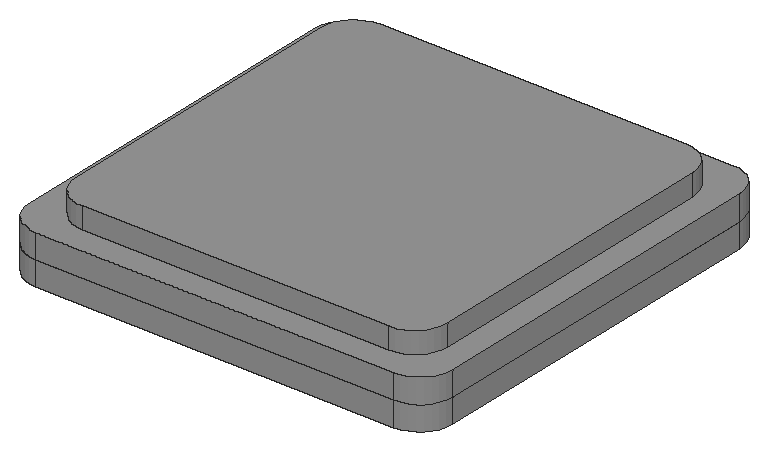
Revit family "FMS2_63_UN_Surface-mounted_ETK", category Lighting Fixtures, Revit 2019 (continued)
Definition of nested family "FMS.2 - Lightsource"
  Parameters (values of type "FMS.1110.10 - Ø270 / 18W / 1120lm / 4000K")
      9.7026\t488.874\t488.0454\t487.2168\t486.3882\r\n485.5596\t484.731\t483.9024\t483.0738\t482.2452\t481.4166\t480.4499\t479.6213\t478.7927\t477.826\r\n476.9974\t475.3402\t473.1306\t470.7829\t468.5733\t466.3637\t464.016\t461.8064\t459.5968\t457.3872\r\n455.0395\t452.8299\t450.6203\t448.2726\t446.063\t443.8534\t441.6438\t439.2961\t437.0865\t434.7388\r\n432.3911\t430.1815\t427.8338\t425.6242\t423.2765\t421.0669\t418.7192\t416.3715\t414.1619\t411.8142\r\n409.6046\t407.1188\t403.8044\t400.6281\t397.3137\t394.1374\t390.9611\t387.6467\t384.4704\t381.2941\r\n377.9797\t374.8034\t371.489\t368.3127\t365.1364\t361.822\t358.6457\t355.3313\t352.155\t348.8406\r\n345.6643\t342.488\t339.1736\t335.9973\t332.6829\t329.5066\t326.1922\t323.0159\t319.7015\t316.5252\r\n313.3489\t310.0345\t306.3058\t302.439\t298.7103\t294.9816\t291.2529\t287.5242\t283.7955\t280.0668\r\n276.3381\t272.6094\t268.7426\t265.0139\t261.2852\t257.5565\t253.8278\t250.0991\t246.3704\t242.5036\r\n238.7749\t235.0462\t231.3175\t227.5888\t223.722\t219.9933\t216.2646\t212.5359\t208.8072\t205.0785\r\n201.2117\t197.483\t193.7543\t189.8875\t186.1588\t182.4301\t178.5633\t174.8346\t171.1059\t167.2391\r\n163.5104\t159.7817\t155.9149\t152.1862\t148.4575\t144.5907\t140.862\t137.0781\t133.3079\t129.524\r\n125.7539\t121.9699\t118.1998\t114.4158\t110.6457\t106.8618\t103.0917\t99.3077\t95.5376\t91.7675\r\n87.9835\t81.3961\t72.6406\t63.8851\t55.1433\t46.3878\t37.6322\t28.8767\t20.1212\t11.3629\r\n2.6073\t0\t0\t0\t0\t0\t0\t0\t0\t0\r\n0\t0\t0\t0\t0\t0\t0\t0\t0\t0\r\n0\r\n502.9602\t502.1316\t501.1649\t500.3363\t499.3696\t498.541\t497.5743\t496.7457\t495.9171\t495.0885\r\n494.2599\t493.4313\t492.6027\t491.9122\t491.0836\t490.255\t489.4264\t488.5978\t487.7692\t486.9406\r\n485.9739\t485.1453\t484.3167\t483.4881\t482.6595\t481.8309\t481.0023\t480.1737\t479.207\t478.3784\r\n477.5498\t476.7212\t474.5116\t472.1639\t469.9543\t467.6066\t465.397\t463.0493\t460.8397\t458.492\r\n456.2824\t454.0728\t451.7251\t449.5155\t447.1678\t444.9582\t442.6105\t440.4009\t438.0532\t435.8436\r\n433.4959\t431.2863\t428.9386\t426.5909\t424.3813\t422.0336\t419.6859\t417.4763\t415.1286\t412.7809\r\n410.4332\t408.2236\t405.5997\t402.4234\t399.109\t395.9327\t392.7564\t389.442\t386.1276\t382.9513\r\n379.6369\t376.4606\t373.1462\t369.9699\t366.6555\t363.4792\t360.1648\t356.8504\t353.6741\t350.3597\r\n347.1834\t343.869\t340.6927\t337.3783\t334.202\t330.8876\t327.7113\t324.3969\t321.0825\t317.9062\r\n314.5918\t311.4155\t308.1011\t304.3724\t300.6437\t296.7769\t293.0482\t289.3195\t285.4527\t281.724\r\n277.9953\t274.1285\t270.3998\t266.6711\t262.9424\t259.0756\t255.3469\t251.6182\t247.8895\t244.0227\r\n240.294\t236.4272\t232.6985\t228.9698\t225.103\t221.3743\t217.5075\t213.7788\t209.912\t206.1833\r\n202.4546\t198.5878\t194.8591\t190.9923\t187.2636\t183.5349\t179.6681\t175.9394\t172.0726\t168.3439\r\n164.4771\t160.7484\t157.0197\t153.1529\t149.4242\t145.5574\t141.8287\t138.0448\t134.2608\t130.4769\r\n126.6929\t122.909\t119.1251\t115.3411\t111.5572\t107.7732\t103.9893\t100.2192\t96.4352\t92.6513\r\n88.8673\t84.9867\t76.2036\t67.4066\t58.6235\t49.8265\t41.0433\t32.2463\t23.4632\t14.6662\r\n5.8762\t0\t0\t0\t0\t0\t0\t0\t0\t0\r\n0\t0\t0\t0\t0\t0\t0\t0\t0\t0\r\n0\r\n502.9602\t502.1316\t501.1649\t500.3363\t499.5077\t498.541\t497.7124\t497.0219\t496.1933\t495.3647\r\n494.6742\t493.8456\t493.1551\t492.3265\t491.4979\t490.6693\t489.8407\t489.0121\t488.1835\t487.3549\r\n486.5263\t485.6977\t484.8691\t484.0405\t483.2119\t482.3833\t481.4166\t480.4499\t479.6213\t478.6546\r\n477.6879\t476.8593\t475.7545\t473.5449\t471.3353\t468.9876\t466.778\t464.5684\t462.2207\t460.0111\r\n457.8015\t455.4538\t453.2442\t450.8965\t448.5488\t446.3392\t443.9915\t441.7819\t439.4342\t437.0865\r\n434.7388\t432.5292\t430.1815\t427.8338\t425.4861\t423.1384\t420.7907\t418.443\t416.0953\t413.6095\r\n411.2618\t408.9141\t406.5664\t404.2187\t401.0424\t397.8661\t394.5517\t391.3754\t388.061\t384.8847\r\n381.5703\t378.2559\t374.9415\t371.7652\t368.4508\t365.1364\t361.822\t358.5076\t355.3313\t352.0169\r\n348.7025\t345.3881\t342.2118\t338.8974\t335.583\t332.2686\t329.0923\t325.7779\t322.4635\t319.2872\r\n315.9728\t312.6584\t309.344\t306.0296\t302.5771\t298.7103\t294.8435\t291.1148\t287.248\t283.5193\r\n279.6525\t275.9238\t272.057\t268.3283\t264.4615\t260.7328\t256.866\t252.9992\t249.2705\t245.4037\r\n241.675\t237.8082\t234.0795\t230.2127\t226.484\t222.6172\t218.8885\t215.0217\t211.293\t207.4262\r\n203.6975\t199.8307\t196.102\t192.2352\t188.5065\t184.6397\t180.7729\t177.0442\t173.1774\t169.4487\r\n165.5819\t161.8532\t158.1245\t154.2577\t150.529\t146.6622\t142.9335\t139.0667\t135.338\t131.5541\r\n127.7701\t123.9862\t120.2022\t116.4183\t112.6344\t108.8504\t105.0665\t101.2825\t97.4986\t93.7147\r\n89.9307\t86.1606\t81.0371\t72.2125\t63.3879\t54.5633\t45.7525\t36.9279\t28.1034\t19.2788\r\n10.4486\t1.6227\t0\t0\t0\t0\t0\t0\t0\t0\r\n0\t0\t0\t0\t0\t0\t0\t0\t0\t0\r\n0\r\n502.9602\t502.1316\t501.303\t500.3363\t499.5077\t498.8172\t497.9886\t497.2981\t496.4695\t495.779\r\n495.0885\t494.2599\t493.4313\t492.7408\t491.9122\t491.0836\t490.3931\t489.5645\t488.7359\t487.9073\r\n487.0787\t486.112\t485.2834\t484.3167\t483.4881\t482.5214\t481.6928\t480.8642\t479.8975\t479.0689\r\n478.1022\t477.1355\t476.1688\t475.2021\t472.9925\t470.7829\t468.4352\t466.2256\t463.8779\t461.6683\r\n459.3206\t457.111\t454.7633\t452.5537\t450.206\t447.8583\t445.5106\t443.0248\t440.6771\t438.3294\r\n435.9817\t433.634\t431.4244\t429.0767\t426.5909\t424.2432\t421.8955\t419.4097\t417.062\t414.5762\r\n412.2285\t409.7427\t407.395\t404.9092\t402.5615\t400.0757\t396.7613\t393.4469\t390.2706\t386.9562\r\n383.6418\t380.3274\t377.013\t373.6986\t370.3842\t367.0698\t363.7554\t360.441\t357.1266\t353.8122\r\n350.4978\t347.1834\t343.869\t340.5546\t337.2402\t333.9258\t330.6114\t327.297\t323.9826\t320.6682\r\n317.2157\t313.9013\t310.5869\t307.2725\t303.9581\t300.6437\t297.1912\t293.3244\t289.4576\t285.5908\r\n281.8621\t277.9953\t274.1285\t270.2617\t266.3949\t262.5281\t258.6613\t254.7945\t251.0658\t247.199\r\n243.3322\t239.4654\t235.7367\t231.8699\t228.0031\t224.2744\t220.4076\t216.5408\t212.8121\t208.9453\r\n205.0785\t201.3498\t197.483\t193.6162\t189.8875\t186.0207\t182.1539\t178.4252\t174.5584\t170.6916\r\n166.9629\t163.0961\t159.2293\t155.5006\t151.6338\t147.9051\t144.0383\t140.3096\t136.4842\t132.7003\r\n128.9163\t125.1324\t121.3485\t117.5645\t113.7806\t109.9967\t106.2265\t102.4426\t98.6724\t94.8885\r\n91.1184\t87.3483\t83.5781\t78.2889\t69.4367\t60.5707\t51.7185\t42.8662\t34.014\t25.1618\r\n16.3096\t7.4491\t0\t0\t0\t0\t0\t0\t0\t0\r\n0\t0\t0\t0\t0\t0\t0\t0\t0\t0\r\n0\r\n502.9602\t502.1316\t501.303\t500.4744\t499.6458\t498.9553\t498.2648\t497.5743\t496.8838\t496.1933\r\n495.5028\t494.6742\t493.9837\t493.1551\t492.4646\t491.636\t490.9455\t489.9788\t489.1502\t488.3216\r\n487.493\t486.5263\t485.6977\t484.8691\t483.9024\t483.0738\t482.1071\t481.1404\t480.3118\t479.3451\r\n478.3784\t477.4117\t476.445\t475.3402\t474.3735\t472.5782\t470.3686\t468.0209\t465.8113\t463.4636\r\n461.1159\t458.7682\t456.5586\t454.2109\t451.8632\t449.5155\t447.1678\t444.8201\t442.3343\t439.9866\r\n437.6389\t435.1531\t432.8054\t430.3196\t427.8338\t425.4861\t423.0003\t420.5145\t418.1668\t415.681\r\n413.1952\t410.7094\t408.2236\t405.7378\t403.252\t400.7662\t398.2804\t395.7946\t392.7564\t389.442\r\n386.1276\t382.8132\t379.3607\t376.0463\t372.5938\t369.2794\t365.8269\t362.5125\t359.1981\t355.7456\r\n352.4312\t349.1168\t345.6643\t342.3499\t338.8974\t335.583\t332.1305\t328.8161\t325.5017\t322.0492\r\n318.7348\t315.4204\t311.9679\t308.6535\t305.201\t301.8866\t298.4341\t295.1197\t291.6672\t287.9385\r\n284.0717\t280.2049\t276.3381\t272.4713\t268.4664\t264.5996\t260.7328\t256.866\t252.9992\t249.1324\r\n245.2656\t241.3988\t237.532\t233.6652\t229.7984\t225.9316\t222.0648\t218.198\t214.3312\t210.4644\r\n206.5976\t202.8689\t199.0021\t195.1353\t191.2685\t187.4017\t183.5349\t179.6681\t175.8013\t172.0726\r\n168.2058\t164.339\t160.6103\t156.7435\t153.0148\t149.148\t145.2812\t141.5525\t137.7548\t133.957\r\n130.1731\t126.3891\t122.619\t118.835\t115.0649\t111.2948\t107.5247\t103.7545\t99.9982\t96.2281\r\n92.4718\t88.7154\t84.9591\t81.2028\t76.7974\t67.9038\t59.0101\t50.1165\t41.2229\t32.3292\r\n23.4356\t14.5419\t5.6538\t0\t0\t0\t0\t0\t0\t0\r\n0\t0\t0\t0\t0\t0\t0\t0\t0\t0\r\n0\r\n502.9602\t502.1316\t501.4411\t500.6125\t499.922\t499.2315\t498.541\t497.9886\t497.2981\t496.6076\r\n495.9171\t495.2266\t494.398\t493.7075\t493.017\t492.1884\t491.3598\t490.5312\t489.7026\t488.7359\r\n487.9073\t487.0787\t486.2501\t485.2834\t484.4548\t483.4881\t482.5214\t481.5547\t480.588\t479.6213\r\n478.5165\t477.5498\t476.445\t475.4783\t474.3735\t473.2687\t472.1639\t470.2305\t467.8828\t465.6732\r\n463.3255\t460.9778\t458.492\t456.1443\t453.7966\t451.4489\t448.9631\t446.6154\t444.1296\t441.6438\r\n439.2961\t436.8103\t434.3245\t431.8387\t429.3529\t426.8671\t424.3813\t421.8955\t419.2716\t416.7858\r\n414.3\t411.8142\t409.1903\t406.5664\t404.0806\t401.4567\t398.8328\t396.347\t393.7231\t391.2373\r\n388.6134\t385.4371\t381.9846\t378.6702\t375.2177\t371.7652\t368.4508\t364.9983\t361.5458\t358.0933\r\n354.6408\t351.3264\t347.8739\t344.4214\t340.9689\t337.5164\t334.0639\t330.6114\t327.297\t323.8445\r\n320.392\t316.9395\t313.487\t310.0345\t306.7201\t303.2676\t299.8151\t296.3626\t293.0482\t289.5957\r\n286.2813\t282.8288\t279.1001\t275.0952\t271.2284\t267.2235\t263.3567\t259.3518\t255.485\t251.4801\r\n247.6133\t243.6084\t239.7416\t235.7367\t231.8699\t228.0031\t223.9982\t220.1314\t216.2646\t212.3978\r\n208.3929\t204.5261\t200.6593\t196.7925\t192.9257\t189.0589\t185.1921\t181.3253\t177.4585\t173.5917\r\n169.7249\t165.8581\t161.9913\t158.1245\t154.3958\t150.529\t146.8003\t142.9335\t139.2048\t135.3518\r\n131.5541\t127.7839\t124\t120.2299\t116.4597\t112.6896\t108.9333\t105.1632\t101.4206\t97.6643\r\n93.9218\t90.1793\t86.4368\t82.7081\t78.9656\t75.2369\t67.5585\t58.6235\t49.7022\t40.7671\r\n31.8321\t22.897\t13.9619\t5.0255\t0\t0\t0\t0\t0\t0\r\n0\t0\t0\t0\t0\t0\t0\t0\t0\t0\r\n0\r\n502.9602\t502.2697\t501.4411\t500.7506\t500.0601\t499.5077\t498.9553\t498.2648\t497.7124\t497.0219\r\n496.3314\t495.6409\t494.9504\t494.2599\t493.4313\t492.6027\t491.9122\t491.0836\t490.255\t489.4264\r\n488.4597\t487.6311\t486.8025\t485.8358\t484.8691\t483.9024\t482.9357\t481.969\t480.8642\t479.7594\r\n478.7927\t477.6879\t476.5831\t475.4783\t474.3735\t473.2687\t472.0258\t470.921\t469.6781\t467.8828\r\n465.5351\t463.1874\t460.8397\t458.3539\t456.0062\t453.5204\t451.0346\t448.5488\t446.2011\t443.7153\r\n441.2295\t438.7437\t436.1198\t433.634\t431.1482\t428.5243\t425.9004\t423.2765\t420.7907\t418.1668\r\n415.5429\t412.919\t410.4332\t407.8093\t405.1854\t402.4234\t399.7995\t397.1756\t394.4136\t391.7897\r\n389.0277\t386.4038\t383.6418\t381.0179\t378.2559\t374.8034\t371.3509\t367.8984\t364.4459\t360.9934\r\n357.4028\t353.9503\t350.4978\t346.9072\t343.4547\t339.8641\t336.4116\t332.821\t329.3685\t325.916\r\n322.4635\t318.8729\t315.4204\t311.9679\t308.3773\t304.9248\t301.4723\t297.8817\t294.4292\t290.9767\r\n287.3861\t283.9336\t280.4811\t277.0286\t273.5761\t269.9855\t266.1187\t262.1138\t258.1089\t254.104\r\n250.0991\t246.0942\t242.2274\t238.2225\t234.3557\t230.3508\t226.484\t222.4791\t218.4742\t214.4693\r\n210.6025\t206.5976\t202.7308\t198.7259\t194.8591\t190.8542\t186.9874\t183.1206\t179.1157\t175.2489\r\n171.3821\t167.5153\t163.6485\t159.7817\t155.9149\t152.1862\t148.3194\t144.4526\t140.7239\t136.9123\r\n133.1008\t129.303\t125.5053\t121.7213\t117.9374\t114.1673\t110.4109\t106.6546\t102.9259\t99.1972\r\n95.4823\t91.7675\t88.0526\t84.3515\t80.6504\t76.9493\t73.2621\t68.5114\t59.5073\t50.517\r\n41.5129\t32.5226\t23.5184\t14.5281\t5.5309\t0\t0\t0\t0\t0\r\n0\t0\t0\t0\t0\t0\t0\t0\t0\t0\r\n0\r\n502.9602\t502.2697\t501.5792\t500.8887\t500.3363\t499.7839\t499.2315\t498.6791\t498.1267\t497.5743\r\n496.8838\t496.1933\t495.5028\t494.8123\t493.9837\t493.2932\t492.4646\t491.636\t490.8074\t489.9788\r\n489.1502\t488.1835\t487.3549\t486.3882\t485.4215\t484.3167\t483.35\t482.2452\t481.1404\t480.1737\r\n479.0689\t477.9641\t476.8593\t475.6164\t474.3735\t473.1306\t471.8877\t470.6448\t469.4019\t468.0209\r\n466.6399\t465.2589\t463.3255\t460.9778\t458.492\t456.0062\t453.5204\t451.0346\t448.5488\t446.063\r\n443.4391\t440.8152\t438.3294\t435.7055\t433.0816\t430.5958\t427.9719\t425.348\t422.7241\t420.1002\r\n417.3382\t414.7143\t411.9523\t409.1903\t406.4283\t403.6663\t400.9043\t398.1423\t395.5184\t392.7564\r\n389.9944\t387.2324\t384.3323\t381.5703\t378.8083\t375.9082\t373.0081\t370.2461\t367.346\t364.1697\r\n360.5791\t356.9885\t353.536\t349.9454\t346.3548\t342.7642\t339.1736\t335.583\t331.9924\t328.4018\r\n324.8112\t321.2206\t317.7681\t314.1775\t310.5869\t306.9963\t303.2676\t299.677\t296.2245\t292.6339\r\n289.1814\t285.5908\t282.0002\t278.5477\t274.9571\t271.3665\t267.914\t264.3234\t260.8709\t257.2803\r\n253.4135\t249.4086\t245.2656\t241.2607\t237.2558\t233.2509\t229.246\t225.2411\t221.2362\t217.0932\r\n213.0883\t209.0834\t205.0785\t201.2117\t197.2068\t193.2019\t189.3351\t185.3302\t181.3253\t177.3204\r\n173.3155\t169.4487\t165.4438\t161.577\t157.7102\t153.7053\t149.8385\t146.1098\t142.243\t138.5143\r\n134.6751\t130.8912\t127.121\t123.3371\t119.5532\t115.783\t112.0129\t108.2704\t104.5279\t100.7992\r\n97.0843\t93.3832\t89.696\t86.0087\t82.3352\t78.6618\t74.9883\t71.3286\t67.6828\t61.5512\r\n52.478\t43.4186\t34.3455\t25.2723\t16.2129\t7.1329\t0\t0\t0\t0\r\n0\t0\t0\t0\t0\t0\t0\t0\t0\t0\r\n0\r\n502.9602\t502.2697\t501.7173\t501.0268\t500.6125\t500.1982\t499.6458\t499.0934\t498.6791\t497.9886\r\n497.4362\t496.7457\t496.0552\t495.3647\t494.6742\t493.8456\t493.1551\t492.3265\t491.4979\t490.6693\r\n489.8407\t488.874\t487.9073\t486.9406\t485.9739\t484.8691\t483.7643\t482.7976\t481.6928\t480.7261\r\n479.4832\t478.2403\t476.9974\t475.7545\t474.5116\t473.1306\t471.8877\t470.5067\t469.1257\t467.6066\r\n466.2256\t464.8446\t463.3255\t461.8064\t460.2873\t458.7682\t456.4205\t453.9347\t451.3108\t448.825\r\n446.2011\t443.7153\t441.0914\t438.6056\t435.8436\t433.2197\t430.4577\t427.6957\t424.9337\t422.3098\r\n419.4097\t416.6477\t413.8857\t411.1237\t408.3617\t405.5997\t402.6996\t399.7995\t396.8994\t393.9993\r\n391.2373\t388.1991\t385.4371\t382.537\t379.4988\t376.5987\t373.6986\t370.7985\t367.8984\t364.9983\r\n361.9601\t358.9219\t356.0218\t353.1217\t350.0835\t346.4929\t342.6261\t338.8974\t335.3068\t331.5781\r\n327.9875\t324.3969\t320.6682\t317.0776\t313.3489\t309.7583\t306.0296\t302.439\t298.7103\t294.9816\r\n291.2529\t287.6623\t284.0717\t280.4811\t276.7524\t273.1618\t269.4331\t265.8425\t262.2519\t258.6613\r\n255.0707\t251.4801\t247.8895\t244.1608\t240.5702\t236.7034\t232.6985\t228.5555\t224.4125\t220.4076\r\n216.2646\t212.2597\t208.1167\t203.9737\t199.9688\t195.8258\t191.8209\t187.816\t183.8111\t179.8062\r\n175.8013\t171.7964\t167.7915\t163.7866\t159.9198\t155.9149\t151.91\t148.0432\t144.0383\t140.1715\r\n136.3047\t132.4793\t128.6678\t124.87\t121.0861\t117.316\t113.5734\t109.8447\t106.1298\t102.4288\r\n98.7415\t95.068\t91.3946\t87.7349\t84.0753\t80.4433\t76.8112\t73.1792\t69.5748\t65.9704\r\n62.366\t55.7372\t46.5535\t37.3699\t28.1862\t19.0026\t9.8106\t0.6187\t0\t0\r\n0\t0\t0\t0\t0\t0\t0\t0\t0\t0\r\n0\r\n502.9602\t502.4078\t501.7173\t501.303\t500.8887\t500.4744\t500.0601\t499.6458\t499.0934\t498.541\r\n497.9886\t497.2981\t496.7457\t496.0552\t495.3647\t494.6742\t493.8456\t493.1551\t492.3265\t491.4979\r\n490.5312\t489.5645\t488.5978\t487.6311\t486.5263\t485.5596\t484.5929\t483.6262\t482.3833\t481.1404\r\n479.8975\t478.6546\t477.4117\t476.0307\t474.7878\t473.4068\t471.8877\t470.5067\t468.9876\t467.6066\r\n466.0875\t464.5684\t462.9112\t461.3921\t459.7349\t458.0777\t456.4205\t454.7633\t453.1061\t451.4489\r\n449.6536\t447.0297\t444.4058\t441.6438\t438.8818\t436.2579\t433.3578\t430.5958\t427.8338\t425.0718\r\n422.3098\t419.4097\t416.5096\t413.6095\t410.8475\t407.9474\t404.9092\t402.0091\t398.9709\t396.0708\r\n393.0326\t390.1325\t387.2324\t384.1942\t381.156\t378.1178\t375.0796\t372.0414\t369.0032\t365.8269\r\n362.7887\t359.6124\t356.5742\t353.536\t350.4978\t347.4596\t344.2833\t341.2451\t338.2069\t335.0306\r\n331.8543\t328.2637\t324.3969\t320.8063\t317.0776\t313.3489\t309.4821\t305.6153\t301.8866\t298.1579\r\n294.4292\t290.5624\t286.8337\t283.105\t279.2382\t275.5095\t271.7808\t268.0521\t264.3234\t260.5947\r\n256.866\t253.1373\t249.4086\t245.6799\t241.9512\t238.3606\t234.6319\t231.0413\t227.3126\t223.722\r\n219.9933\t215.9884\t211.8454\t207.7024\t203.5594\t199.2783\t195.1353\t190.9923\t186.9874\t182.8444\r\n178.7014\t174.6965\t170.5535\t166.5486\t162.5437\t158.4007\t154.3958\t150.3909\t146.386\t142.3811\r\n138.3762\t134.4818\t130.5321\t126.6101\t122.7709\t119.0146\t115.2583\t111.5296\t107.8147\t104.1136\r\n100.4125\t96.739\t93.0794\t89.4474\t85.8153\t82.1971\t78.6065\t75.0159\t71.4391\t67.89\r\n64.3408\t60.7916\t57.2701\t50.9865\t41.651\t32.3016\t22.9384\t13.5821\t4.2162\t0\r\n0\t0\t0\t0\t0\t0\t0\t0\t0\t0\r\n0\r\n502.9602\t502.4078\t501.8554\t501.4411\t501.1649\t500.8887\t500.4744\t500.0601\t499.6458\t499.0934\r\n498.541\t497.9886\t497.4362\t496.7457\t496.0552\t495.3647\t494.6742\t493.8456\t493.1551\t492.1884\r\n491.3598\t490.3931\t489.4264\t488.4597\t487.493\t486.5263\t485.4215\t484.3167\t483.0738\t481.8309\r\n480.588\t479.3451\t477.9641\t476.5831\t475.2021\t473.683\t472.302\t470.7829\t469.2638\t467.7447\r\n466.0875\t464.4303\t462.9112\t461.1159\t459.4587\t457.8015\t456.1443\t454.349\t452.5537\t450.6203\r\n448.6869\t446.7535\t444.8201\t442.8867\t440.9533\t438.8818\t436.9484\t434.3245\t431.4244\t428.6624\r\n425.7623\t422.8622\t419.9621\t416.9239\t414.0238\t410.9856\t408.0855\t405.0473\t402.1472\t399.109\r\n395.9327\t392.8945\t389.7182\t386.68\t383.5037\t380.3274\t377.1511\t374.1129\t370.9366\t367.7603\r\n364.584\t361.4077\t358.2314\t355.0551\t351.7407\t348.5644\t345.25\t342.0737\t338.8974\t335.583\r\n332.2686\t328.9542\t325.7779\t322.4635\t319.1491\t315.9728\t312.6584\t309.344\t306.0296\t302.1628\r\n298.4341\t294.5673\t290.7005\t286.8337\t282.9669\t279.1001\t275.2333\t271.3665\t267.4997\t263.6329\r\n259.7661\t255.8993\t252.1706\t248.3038\t244.437\t240.5702\t236.7034\t232.9747\t229.1079\t225.3792\r\n221.5124\t217.7837\t214.055\t210.3263\t206.4595\t202.7308\t199.0021\t195.2734\t190.9923
